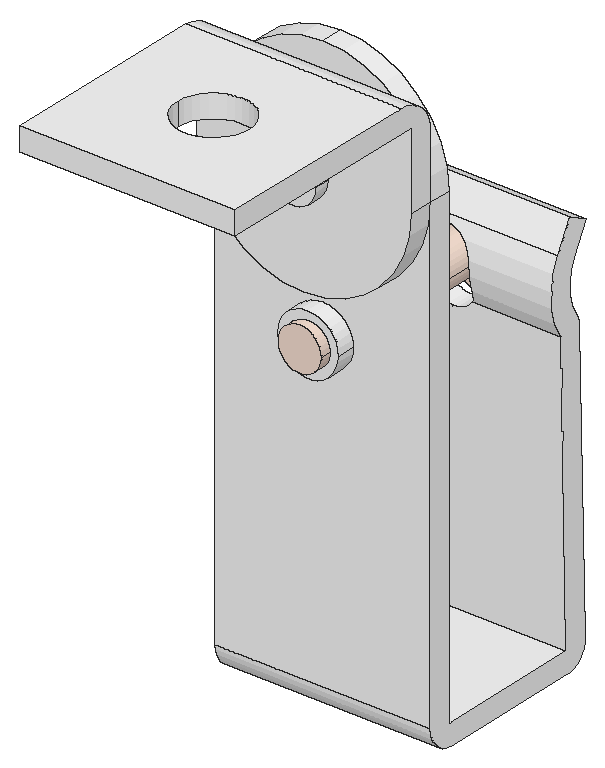
Revit family "rpfreehanger3_c40x20", category 機械設備, Revit 2022
Family settings
  丸型コネクタ寸法 = 直径を使用
  種別 = なし
  パーツ タイプ = 標準
  作業面ベース = いいえ
  常に垂直 = はい
  ロード時にボイドで切り取り = いいえ
  注釈の向きを維持 = いいえ
  共有 = いいえ
  部屋計算ポイント = いいえ
Parameters
  製造元 = "株式会社桐井製作所"
  既定の高さ = 0 mm
  URL = "https://www.kirii.co.jp/"
  K_角度 [instance] = 90.00°
  K_材質 = "SGHC　一般用"
  K_外形寸法(mm) = "H84"
  K_品名 = "RPフリーハンガー3分用(C-40×20)"
  K_名称 = "耐震ハンガー"
  K_入数 = "100"
  K_バージョン情報 = "20211012"
  K_めっき付着量 = "Z12"
  K_JIS規格 = "JIS G 3302"
Reference planes
  plane 1 "中心(正面/背面)": y = 0
  plane 2: z = 0
  plane 3 "中心(左/右)": x = 0
Forms (mm)
  Extrusion 1, void
    sketch origin (0, -2.263, 0) x (1, 0, 0) y (0, 1, 0)
      loop
        circle (0, -16.737) r 5
    from 10.8 to 14
  Extrusion 2, solid
    sketch origin (0, -3.2, 0) x (0, 1, 0) y (0, 0, 1)
      loop
        line (-1.8, 14) -> (-30.79, 14) -> (-30.79, 10.8) -> (0, 10.8) -> (0, -15) -> (3.2, -15) -> (3.2, 9)
        arc (3.2, 9) -> (1.736, 12.536) -> (-1.8, 14) r 5
    from -15 to 15
  Extrusion 3, solid
    sketch origin (0, 0, 0) x (1, 0, 0) y (0, 0, 1)
      loop
        circle (0, 0) r 3.25
    from 3.2 to 5.2
  Extrusion 4, void
    sketch origin (0, 0, 0) x (1, 0, 0) y (0, 0, 1)
      loop
        line (-15, 0) -> (-15, -15) -> (0, -15)
        arc (0, -15) -> (-10.607, -10.607) -> (-15, 0) r 15
    from 0 to 3.2
  Extrusion 5, void
    sketch origin (0, 0, 0) x (-1, 0, 0) y (0, 0, -1)
      loop
        arc (-15, 0) -> (-10.607, 10.607) -> (0, 15) r 15
        line (0, 15) -> (-15, 15) -> (-15, 0)
    from 0 to 3.2
Cuts and joins
  Extrusion 1, Extrusion 4, Extrusion 5 cuts Extrusion 2
  Extrusion 4, Extrusion 5 cuts Extrusion 3
  joined: Extrusion 2, Extrusion 3
Dimensions and locks
  "K_角度": angle nested 1 to plane 2
  aligned and locked: level to plane 2
Automatic sketch dimensions
  Extrusion 1 sketch curve to plane 3 "中心(左/右)" = 0 mm
  plane 1 "中心(正面/背面)" to Extrusion 1 sketch curve = 19 mm
  Extrusion 2 sketch curve to plane 1 "中心(正面/背面)" = 0 mm
  plane 1 "中心(正面/背面)" to Extrusion 2 sketch curve = 3.2 mm
  Extrusion 2 sketch curve to Extrusion 2 sketch curve = 1.8 mm  (x2)
  level to Extrusion 2 sketch curve = 10.8 mm
  Extrusion 2 sketch curve to Extrusion 2 sketch curve = 28.99 mm
  Extrusion 2 sketch curve to level = 15 mm
  Extrusion 3 sketch curve to level = 0 mm
  Extrusion 3 sketch curve to plane 3 "中心(左/右)" = 0 mm
  Extrusion 4 sketch curve to level = 0 mm  (x2)
  Extrusion 4 sketch curve to plane 3 "中心(左/右)" = 0 mm
  Extrusion 4 sketch curve to level = 15 mm
  Extrusion 5 sketch curve to level = 0 mm  (x2)
  Extrusion 5 sketch curve to plane 3 "中心(左/右)" = 0 mm
  level to Extrusion 5 sketch curve = 15 mm
  radius of Extrusion 1 sketch curve = 5 mm
  radius of Extrusion 3 sketch curve = 3.25 mm
Nested families
  nested 1: "RPフリーハンガー(C40用)下部金具" at (0, 0, 0), type "RPフリーハンガー(C40用)下部金具"
Definition of nested family "RPフリーハンガー(C40用)下部金具"
  Parameters (values of type "RPフリーハンガー(C40用)下部金具")
    Manufacturer = "株式会社桐井製作所"
    Default Elevation = 0 mm
    URL = "https://www.kirii.co.jp/"
    K_名称 = "RPフリーハンガー(C38用)下部金具"
    K_バージョン情報 = "20211012"
  Reference planes
    plane 1 "中心(正面/背面)": y = 0
    plane 2: z = 0
    plane 3 "中心(左/右)": x = 0
  Forms (mm)
    Extrusion 1, solid
      sketch origin (0, 2, -91) x (0, 1, 0) y (0, 0, 1)
        loop
          line (1.2, 106) -> (-2, 106) -> (-2, 25.3)
          arc (-2, 25.3) -> (-0.916, 22.684) -> (1.7, 21.6) r 3.7
          line (1.7, 21.6) -> (21.713, 21.6)
          arc (21.713, 21.6) -> (24.005, 22.567) -> (24.912, 24.883) r 3.2
          line (24.912, 24.883) -> (23.881, 64.432)
          arc (23.881, 64.432) -> (23.749, 65.263) -> (23.405, 66.03) r 3.2
          arc (23.405, 66.03) -> (22.309, 69.56) -> (23.056, 73.18) r 7.4
          line (23.056, 73.18) -> (25.1, 77.121) -> (22.26, 78.594) -> (20.201, 74.624)
          arc (20.201, 74.624) -> (19.112, 69.424) -> (20.683, 64.348) r 10.6
          line (20.683, 64.348) -> (21.719, 24.6) -> (1.2, 24.6) -> (1.2, 106)
      from -15 to 15
    Extrusion 2, void
      sketch origin (0, 0, 0) x (1, 0, 0) y (0, 0, 1)
        loop
          arc (3.5, -20.734) -> (0, -17.234) -> (-3.5, -20.734) r 3.5
          line (-3.5, -20.734) -> (-3.5, -24.536)
          arc (-3.5, -24.536) -> (0, -28.036) -> (3.5, -24.536) r 3.5
          line (3.5, -24.536) -> (3.5, -20.734)
      from -26.14 to -20.821
    Extrusion 3, solid
      sketch origin (0, 0, 0) x (1, 0, 0) y (0, 0, 1)
        loop
          circle (0, 0) r 5
      from -5 to -3.2
    Extrusion 4, void
      sketch origin (0, 0, 0) x (1, 0, 0) y (0, 0, 1)
        loop
          line (0, 15) -> (-15, 15) -> (-15, 0)
          arc (-15, 0) -> (-10.607, 10.607) -> (0, 15) r 15
      from -3.2 to 0
    Extrusion 5, void
      sketch origin (0, 0, 0) x (-1, 0, 0) y (0, 0, -1)
        loop
          arc (0, -15) -> (-10.607, -10.607) -> (-15, 0) r 15
          line (-15, 0) -> (-15, -15) -> (0, -15)
      from -3.2 to 0
    Extrusion 6, solid
      sketch origin (0, 0, 0.031) x (1, 0, 0) y (0, 0, 1)
        loop
          circle (0, -21.873) r 4.25
      from 0 to 2.5
    Extrusion 7, void
      sketch origin (0, 0, 0.01) x (1, 0, 0) y (0, 0, 1)
        loop
          circle (0, -21.81) r 3
      from -3.2 to 2.5
    Extrusion 8, void
      sketch origin (0.022, 0, 0.046) x (1, 0, 0) y (0, 0, 1)
        loop
          circle (8.646, -2.5) r 2.5
        loop
          circle (-8.646, -2.5) r 2.5
      from -3.2 to 0
  Cuts and joins
    Extrusion 2, Extrusion 4, Extrusion 5, Extrusion 7, Extrusion 8 cuts Extrusion 1
    Extrusion 4, Extrusion 5, Extrusion 7 cuts Extrusion 3
    Extrusion 7 cuts Extrusion 6
    joined: Extrusion 1, Extrusion 3, Extrusion 6
  Dimensions and locks
    aligned and locked: level to plane 2
  Nested families
    nested 1: "M6×30ボルト" at (-0.011, 26.049, -21.6) x (-1, 0, 0) z (0, 0, 1), type "M6×30ボルト"
  Definition of nested family "M6×30ボルト"
    Parameters (values of type "M6×30ボルト")
      Manufacturer = "株式会社桐井製作所"
      Default Elevation = 0 mm
      URL = "https://www.kirii.co.jp/"
      K_名称 = "M6×30ボルト"
    Reference planes
      plane 1 "中心(正面/背面)": y = 0
      plane 2: z = 0
      plane 3 "中心(左/右)": x = 0
      plane 4 "正面": y = -4
    Forms (mm)
      Extrusion 1, solid
        sketch origin (0, 0, 0) x (1, 0, 0) y (0, 0, 1)
          loop
            line (-4.763, -2.946) -> (0, -5.696) -> (4.763, -2.946) -> (4.763, 2.554) -> (0, 5.304) -> (-4.763, 2.554) -> (-4.763, -2.946)
        from 0 to 4
      Extrusion 2, void
        sketch origin (0, -4, 0) x (-1, 0, 0) y (0, 0, 1)
          loop
            circle (0, -0.156) r 4.396
        from 0 to 1
      Extrusion 3, void
        sketch origin (0, -4, 0) x (-1, 0, 0) y (0, 0, 1)
          loop
            arc (-0.6, 1.814) -> (-1.069, 0.856) -> (-2.036, 0.404) r 1.605
            line (-2.036, 0.404) -> (-2.939, 0.404)
            arc (-2.939, 0.404) -> (-3, -0.195) -> (-2.94, -0.795) r 3
            line (-2.94, -0.795) -> (-2.049, -0.795)
            arc (-2.049, -0.795) -> (-1.074, -1.243) -> (-0.6, -2.206) r 1.605
            line (-0.6, -2.206) -> (-0.6, -3.135)
            arc (-0.6, -3.135) -> (0, -3.196) -> (0.6, -3.135) r 3
            line (0.6, -3.135) -> (0.6, -2.206)
            arc (0.6, -2.206) -> (1.074, -1.243) -> (2.049, -0.795) r 1.605
            line (2.049, -0.795) -> (2.94, -0.795)
            arc (2.94, -0.795) -> (3, -0.198) -> (2.941, 0.398) r 3
            line (2.941, 0.398) -> (2.117, 0.398)
            arc (2.117, 0.398) -> (1.098, 0.828) -> (0.6, 1.814) r 1.605
            line (0.6, 1.814) -> (0.6, 2.743)
            arc (0.6, 2.743) -> (0, 2.804) -> (-0.6, 2.743) r 3
            line (-0.6, 2.743) -> (-0.6, 1.814)
        from 0 to 2
      Extrusion 4, solid
        sketch origin (0, 0, 0) x (1, 0, 0) y (0, 0, 1)
          loop
            circle (-0.011, -0.2) r 3
        from 0 to -30
    Cuts and joins
      Extrusion 2, Extrusion 3 cuts Extrusion 1
      joined: Extrusion 1, Extrusion 4
    Dimensions and locks
      aligned and locked: level to plane 2
